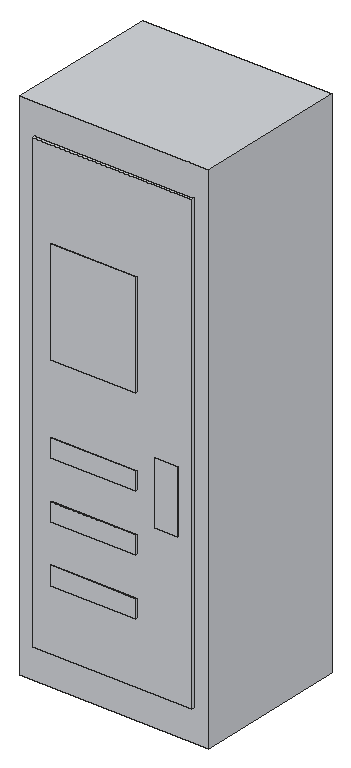
Revit family "GIS_ProtectionPanel", category Equipamento elétrico, Revit 2027
Family settings
  Configuração do painel = Duas colunas, circuitos transversais
  Cota do conector redondo = Utilizar diâmetro
  Tipo de parte = Painel de controle
  Com base no plano de trabalho = Não
  Sempre na vertical = Sim
  Corte com vazios quando carregada = Não
  Manter orientação da anotação = Não
  Compartilhado = Não
  Ponto de cálculo do ambiente = Não
Parameters (values of type "PROTECTION_PANEL_125VDC_STUDY")
  Default Elevation = 0 mm
  built-in parameter 1140142 [instance] = (empty or 0)
  built-in parameter 1140140 [instance] = 1 (stored number, unit not read)
  BIM_TensaoSecundaria_kV = 0
  BIM_TensaoNominal_kV = 0.125
  BIM_TensaoClasse_kV = 0.125
  BIM_TensaoClasseSecundaria_kV = 0
  BIM_Sistema_Elemento [instance] = ""
  BIM_ReferenciaCatalogo = "Portfolio study assumption: 125 V DC control supply; panel design and utility philosophy pending"
  BIM_Profundidade = 650 mm
  BIM_Potencia_MVA = 0
  BIM_Localizacao [instance] = ""
  BIM_Largura = 800 mm
  BIM_Impedancia_pu = 0
  BIM_FonteGeometria = "Portfolio study assumption: 125 V DC control supply; panel design and utility philosophy pending"
  BIM_Fabricante = "NAO SELECIONADO"
  BIM_EstadoGeometria = "ESTIMATED"
  BIM_EstadoEspecificacao = "PREMISSA / NAO SELECIONADO"
  BIM_DescricaoEstudo = "Painel de protecao, controle e supervisao; 125 Vcc e premissa, IEDs e arquitetura funcionais pendentes."
  BIM_CorrenteReferenciaSecundaria_A = 0
  BIM_CorrenteNominal_A = 0
  BIM_Bay [instance] = ""
  BIM_AlturaCorpoPrincipal = 2200 mm
  BIM_Altura = 2200 mm
  built-in parameter 1155100 [instance] = (empty or 0)
Reference planes
  plane 1 "Centro (Frente/Trás)": y = 0
  plane 2: z = 0
  plane 3 "Centro (Esquerda/Direita)": x = 0
  plane 4 "BIM Left": x = -400
  plane 5 "BIM Right": x = 400
  plane 6 "BIM Front": y = -325
  plane 7 "BIM Back": y = 325
Forms (mm)
  Extrusion 1, solid
    sketch origin (0, 0, 0) x (1, 0, 0) y (0, 1, 0)
      loop
        line (-400, -325) -> (400, -325) -> (400, 325) -> (-400, 325) -> (-400, -325)
    from 0 to 2200 <- "BIM_AlturaCorpoPrincipal"
  Extrusion 2, solid
    sketch origin (0, 0, 132) x (1, 0, 0) y (0, 1, 0)
      loop
        line (-336, -337.192) -> (336, -337.192) -> (336, -325) -> (-336, -325) -> (-336, -337.192)
    from 0 to 1936
  Extrusion 3, solid
    sketch origin (0, 0, 1254) x (1, 0, 0) y (0, 1, 0)
      loop
        line (-256, -343.288) -> (104, -343.288) -> (104, -325) -> (-256, -325) -> (-256, -343.288)
    from 0 to 440
  Extrusion 4, solid
    sketch origin (0, 0, 396) x (1, 0, 0) y (0, 1, 0)
      loop
        line (-256, -341.764) -> (104, -341.764) -> (104, -325) -> (-256, -325) -> (-256, -341.764)
    from 0 to 77
  Extrusion 5, solid
    sketch origin (0, 0, 638) x (1, 0, 0) y (0, 1, 0)
      loop
        line (-256, -341.764) -> (104, -341.764) -> (104, -325) -> (-256, -325) -> (-256, -341.764)
    from 0 to 77
  Extrusion 6, solid
    sketch origin (0, 0, 880) x (1, 0, 0) y (0, 1, 0)
      loop
        line (-256, -341.764) -> (104, -341.764) -> (104, -325) -> (-256, -325) -> (-256, -341.764)
    from 0 to 77
  Extrusion 7, solid
    sketch origin (0, 0, 770) x (1, 0, 0) y (0, 1, 0)
      loop
        line (184, -341.764) -> (280, -341.764) -> (280, -325) -> (184, -325) -> (184, -341.764)
    from 0 to 264
Dimensions and locks
  "BIM_Largura": plane 4 "BIM Left" to plane 5 "BIM Right"
  "BIM_Profundidade": plane 6 "BIM Front" to plane 7 "BIM Back"
  aligned and locked: level to plane 2
  aligned and locked: plane 4 "BIM Left" to Extrusion 1
  aligned and locked: Extrusion 1 to plane 5 "BIM Right"
  aligned and locked: Extrusion 1 to plane 6 "BIM Front"
  aligned and locked: plane 7 "BIM Back" to Extrusion 1
Automatic sketch dimensions
  Extrusion 1 sketch curve to plane 4 "BIM Left" = 0 mm
  Extrusion 1 sketch curve to plane 5 "BIM Right" = 0 mm
  Extrusion 1 sketch curve to plane 6 "BIM Front" = 0 mm
  Extrusion 1 sketch curve to plane 7 "BIM Back" = 0 mm
  Extrusion 2 sketch curve to plane 6 "BIM Front" = 0 mm
  Extrusion 2 sketch curve to plane 6 "BIM Front" = 12.192 mm
  Extrusion 2 sketch curve to plane 4 "BIM Left" = 64 mm
  plane 5 "BIM Right" to Extrusion 2 sketch curve = 64 mm
  Extrusion 3 sketch curve to plane 6 "BIM Front" = 0 mm
  Extrusion 3 sketch curve to plane 6 "BIM Front" = 18.288 mm
  Extrusion 3 sketch curve to plane 4 "BIM Left" = 144 mm
  plane 3 "Centro (Esquerda/Direita)" to Extrusion 3 sketch curve = 104 mm
  Extrusion 4 sketch curve to plane 6 "BIM Front" = 0 mm
  Extrusion 4 sketch curve to plane 6 "BIM Front" = 16.764 mm
  Extrusion 4 sketch curve to plane 4 "BIM Left" = 144 mm
  plane 3 "Centro (Esquerda/Direita)" to Extrusion 4 sketch curve = 104 mm
  Extrusion 5 sketch curve to plane 6 "BIM Front" = 0 mm
  Extrusion 5 sketch curve to plane 6 "BIM Front" = 16.764 mm
  Extrusion 5 sketch curve to plane 4 "BIM Left" = 144 mm
  plane 3 "Centro (Esquerda/Direita)" to Extrusion 5 sketch curve = 104 mm
  Extrusion 6 sketch curve to plane 6 "BIM Front" = 0 mm
  Extrusion 6 sketch curve to plane 6 "BIM Front" = 16.764 mm
  Extrusion 6 sketch curve to plane 4 "BIM Left" = 144 mm
  plane 3 "Centro (Esquerda/Direita)" to Extrusion 6 sketch curve = 104 mm
  Extrusion 7 sketch curve to plane 6 "BIM Front" = 0 mm
  Extrusion 7 sketch curve to plane 6 "BIM Front" = 16.764 mm
  plane 3 "Centro (Esquerda/Direita)" to Extrusion 7 sketch curve = 184 mm
  Extrusion 7 sketch curve to Extrusion 7 sketch curve = 96 mm
Connectors
  electrical at (-400, 0, 1100)
    settings: on Extrusion 1, index 1, voltage 125 V, apparent load 0 VA, apparent load phase1 0 VA, apparent load phase2 0 VA, apparent load phase3 0 VA, power factor 1, load classification "Outro", number of poles 2, system type 6, power factor state 1, is connector primary yes, connector utility no, sub classification motor no, connector description "Interface A; study port; circuit assignment is project-specific."
  electrical at (400, 0, 1100)
    settings: on Extrusion 1, index 2, voltage 125 V, apparent load 0 VA, apparent load phase1 0 VA, apparent load phase2 0 VA, apparent load phase3 0 VA, power factor 1, load classification "Outro", number of poles 2, system type 6, power factor state 1, is connector primary no, connector utility no, sub classification motor no, connector description "Interface B; study port; circuit assignment is project-specific."
